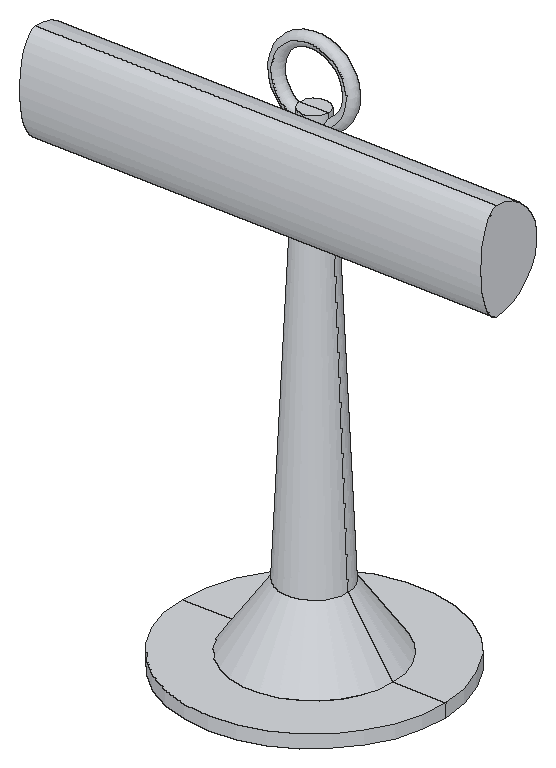
Revit family "Обогреватель карбоновый", category Оборудование, Revit 2017
Family settings
  Размер круглого соединителя = Использовать диаметр
  Тип детали = Нормальный
  На основе рабочей плоскости = Нет
  Всегда вертикально = Да
  При загрузке вырезать с полостями = Нет
  Общий = Нет
  Точка расчета площади = Нет
Parameters (values of type "Тип")
  Общ_Ширина = 750.0 mm
  Общ_Тип, марка = "VS-869"
  Общ_Примечание ЭМ [instance] = ""
  Общ_Примечание ОВ = "Тепловыделение 0,8 кВт"
  Общ_Примечание КР [instance] = ""
  Общ_Примечание АР [instance] = ""
  Общ_Примечание = ""
  Общ_Поставщик = "Vitesse"
  Общ_Позиция = ""
  Общ_Напряжение = 220 V
  Общ_Наименование = "Обогреватель карбоновый c пультом ДУ"
  Общ_Мощность номинальная = 800 W
  Общ_Масса = "3,8"
  Общ_Код продукции = ""
  Общ_Задание [instance] = "ЭМ"
  Общ_Единицы измерения = "шт."
  Общ_Глубина = 400.0 mm
  Общ_Высота = 800.0 mm
  Keynote = ""
  Model = ""
Reference planes
  plane 1 "По центру (Вперед/Назад)": y = 0
  plane 2: z = 0
  plane 3 "По центру (Влево/Вправо)": x = 0
Forms (mm)
  Revolve 1, solid
    sketch origin (0, 0, 0) x (1, 0, 0) y (0, 0, 1)
      loop
        line (0, 0) -> (200, 0) -> (200, 20) -> (120, 20) -> (51.171, 118.298)
        spline (51.171, 118.298) -> (47.301, 148.837) -> (43.691, 183.546) -> (40.339, 222.426) -> (37.247, 265.475) -> (34.413, 312.695) -> (31.839, 364.085) -> (29.523, 419.645) -> (27.466, 479.376) -> (25.668, 543.277) -> (24.13, 611.348) -> (22.85, 683.589) -> (21.829, 760)
        line (21.829, 760) -> (0, 760) -> (0, 0)
      axis (0, 760) -> (0, 0)
    angle from 0 to 360
  Extrusion 2, solid
    sketch origin (0, 0, 0) x (0, 1, 0) y (0, 0, 1)
      loop
        spline (-90.366, 788.186) -> (-98.13, 785.63) -> (-105.366, 778.138) -> (-111.579, 766.219) -> (-116.347, 750.686) -> (-119.344, 732.597) -> (-120.366, 713.186) -> (-119.344, 693.775) -> (-116.347, 675.686) -> (-111.579, 660.153) -> (-105.366, 648.234) -> (-98.13, 640.742) -> (-90.366, 638.186)
        arc (-90.366, 638.186) -> (-15.366, 713.186) -> (-90.366, 788.186) r 75
    from -350 to 350
  Sweep 3, solid
    path in 3D
      loop
        arc (-22.37, 0, 742.062) -> (0.13, 0, 851.729) -> (22.63, 0, 742.062) r 57.142
    profile origin (0.13, 0, 851.729) x (0, 0, 1) y (0, -1, 0)
      loop
        circle (0, 0) r 10
Lines and regions (mm)
  model lines, detail levels coarse+medium
    curve 1: arc (-22.37, 0, 742.062) -> (0.13, 0, 851.729) -> (22.63, 0, 742.062) r 57.142
  sketch lines
    curve 2: arc (-22.37, 0, 742.062) -> (0.13, 0, 851.729) -> (22.63, 0, 742.062) r 57.142
Dimensions and locks
  aligned and locked: level to plane 2
